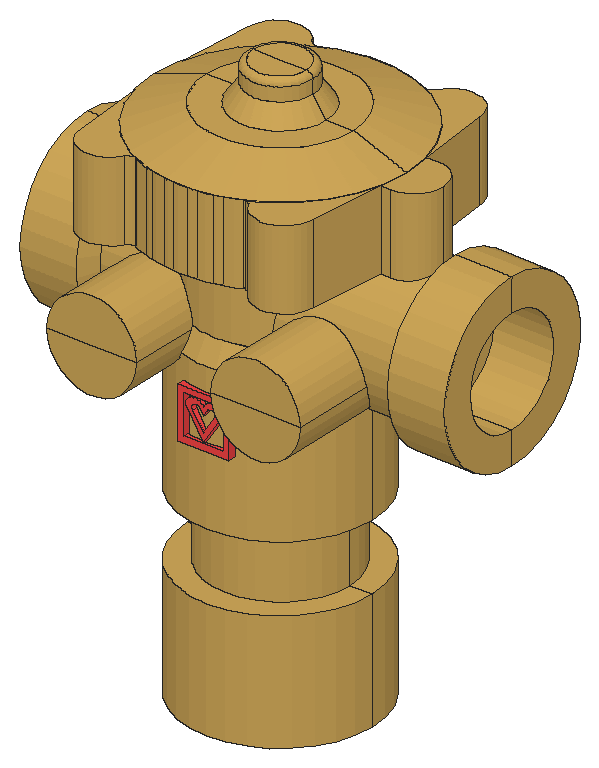
Revit family "Pressure independent control valve 4206_R_SMART", category Rohrzubehör, Revit 2018
Family settings
  Bemaßung runder Anschluss = Durchmesser verwenden
  Teiletyp = Unterbricht
  OmniClass-Nummer = 23.65.55.14
  OmniClass-Titel = Valves for Liquid Services
  Arbeitsebenenbasiert = Nein
  Immer vertikal = Ja
  Beim Laden mit Abzugskörper schneiden = Nein
  Gemeinsam genutzt = Nein
Parameters
  min. Operating temperature (pure water) = 2 °C  # constant formula
  min. Operating temperature (frost protection) = -20 °C  # constant formula
  max. Operating temperature up to DN32 = 130 °C  # constant formula
  max. Operating temperature from DN40 = 110 °C  # constant formula
  max. Operating pressure = 1600000.0 Pa  # constant formula
  Medium = "water purity in accordance with the ÖNORM H5195 and VDI2035 standards\r\nthe use of ethylene and propylene glycol in a mixture ratio of 25 - 50% by volume [%] is permitted."
  URL = "http://www.herzvalves.com/"
  Pin = "stainless steel 14301"  # constant formula
  SCRNSEQ = "ARM;ARM_TYP=\"DURR\";2"
  SCRNCODE = "05;04;02"  # constant formula
  S04 [instance] = R01 * 2  # 30.00 mm
  S01 [instance] = L01 + L02  # 75.00 mm
  R02 [instance] = size_lookup("4206R_S", "R2", 9.32 mm, Nennweite)  # 9.316 mm
  R01 [instance] = size_lookup("4206R_S", "R1", 15.00 mm, Nennweite)  # 15.00 mm
  PN = 25  # constant formula
  O-Rings = "EPDM"  # constant formula
  Membrane housing = "brass CW602N"  # constant formula
  Membrane = "EPDM"  # constant formula
  Lift = 4.00 mm  # constant formula
  L14 = 44.00 mm  # constant formula
  L13 = 32.23 mm  # constant formula
  L07 = 119.30°  # constant formula
  L06 = 3.44 mm  # constant formula
  Capillary pipe = "copper Cu-DHP (CW024A)"  # constant formula
  Hersteller = "Herz-Armaturen GmbH"  # constant formula
  H11 = 27.60 mm  # constant formula
  H10 = 22.33 mm  # constant formula
  House = "DZR brass CC770S"  # constant formula
  Spring = "spring steel"  # constant formula
  Bestellnummer [instance] = size_lookup("4206R_S", "Artnr", 0, Nennweite)  # 1420661
  Protective cap = "plastic"  # constant formula
  B16 = 26.00 mm  # constant formula
  B15 = 23.00 mm  # constant formula
  B14 = 8.73 mm  # constant formula
  B13 = 40.79 mm  # constant formula
  B12 = 36.73 mm  # constant formula
  B11 = 34.69 mm  # constant formula
  B10 = 31.75 mm  # constant formula
  B09 [instance] = size_lookup("4206R_S", "B9", 3.30 mm, Nennweite)  # 3.30 mm
  Nennweite [instance] = 15.00 mm
  L05 = 3.44 mm  # constant formula
  L04 [instance] = size_lookup("4206R_S", "L4", 12.00 mm, Nennweite)  # 12.00 mm
  L03 [instance] = size_lookup("4206R_S", "L3", 10.00 mm, Nennweite)  # 10.00 mm
  L02 = 34.00 mm  # constant formula
  L01 = 41.00 mm  # constant formula
  H09 = 1.08 mm  # constant formula
  H08 = 4.24 mm  # constant formula
  H07 = 28.19 mm  # constant formula
  H06 = 24.02 mm  # constant formula
  H05 = 10.06 mm  # constant formula
  H04 = 6.74 mm  # constant formula
  H03 = 3.46 mm  # constant formula
  H02 [instance] = size_lookup("4206R_S", "H2", 65.00 mm, Nennweite)  # 65.00 mm
  H01 [instance] = size_lookup("4206R_S", "H1", 32.00 mm, Nennweite)  # 35.00 mm
  B08 = 23.05 mm  # constant formula
  B07 [instance] = size_lookup("4206R_S", "B7", 16.50 mm, Nennweite)  # 16.50 mm
  B06 = 5.86 mm  # constant formula
  B05 = 3.70 mm  # constant formula
  B04 = 6.75 mm  # constant formula
  B03 = 7.93 mm  # constant formula
  B02 [instance] = size_lookup("4206R_S", "B2", 12.50 mm, Nennweite)  # 12.50 mm
  B01 = 41.62 mm  # constant formula
  Application = "the Pressure Independent Balancing Control Valve (PIBCV) is used in all heating and cooling systems with circulation pumps.\r\nthe valve automatically maintains flow to the required part of the system at the set rate by measuring and immediately adjusting to any variation in pressure.\r\nno additional measurements are necessary and the correct flow rate is achieved at all operating conditions.\r\nthe diaphragm responds to the pressure upstream and downstream of the regulating valve (via an internal impulse line).\r\nthe valve settings directly affect the volumetric flow through the valve.\r\nit is thus possible to set the maximum flow rate based on the flow chart when the valve is fitted.\r\nthis allows for the balancing of heating circuits, cooling water systems, ceiling cooling and heating panels, air heaters, etc. without any need to first assess the pressure variations in the system.\r\nthe valve‘s principal application is as a control valve for terminal units."
Reference planes
  plane 1 "Mitte (Vorne/hinten)": y = 0
  plane 2: z = 0
  plane 3 "Mitte (Links/rechts)": x = 0
Forms (mm)
  Revolve 1, solid, material "Messing, weicher Gelbton, geschweißt"
    sketch origin (0, 0, 0) x (1, 0, 0) y (0, 0, 1)
      loop
        line (0, -65) -> (16.292, -65) -> (16.292, -44) -> (12.291, -44) -> (12.291, -32.23) -> (16.292, -32.23) -> (16.292, -6.498) -> (14.505, -2.652) -> (14.505, 6.81) -> (22.33, 10.98) -> (22.33, 24.94) -> (12.949, 28.26) -> (8.129, 28.26) -> (5.75, 31.54) -> (5.75, 33.92)
        arc (5.75, 33.92) -> (5.434, 34.684) -> (4.67, 35) r 1.08
        line (4.67, 35) -> (0, 35) -> (0, -65)
      axis (0, 35) -> (0, -65)
    angle from 0 to 360
  Revolve 2, solid, material "Messing, weicher Gelbton, geschweißt"
    sketch origin (0, 0, -3.3) x (1, 0, 0) y (0, 1, 0)
      loop
        line (-20.425, -26) -> (-12.5, -26) -> (-12.5, -8.046) -> (-20.425, -8.046) -> (-20.425, -26)
      axis (-12.5, -8.046) -> (-12.5, -26)
    angle from 0 to 360
  Revolve 3, solid, material "Messing, weicher Gelbton, geschweißt"
    sketch origin (0, 0, 0) x (-1, 0, 0) y (0, 0, 1)
      loop
        line (34, 9.316) -> (34, 15) -> (24, 15) -> (22.317, 12) -> (-29.317, 12) -> (-31, 15) -> (-41, 15) -> (-41, 9.316) -> (-30.281, 9.316) -> (-30.281, 0) -> (19.925, 0) -> (19.925, 9.316) -> (34, 9.316)
      axis (-41, 0) -> (34, 0)
    angle from 0 to 360
  Extrusion 4, solid, material "Messing, weicher Gelbton, geschweißt"
    sketch origin (0, 0, 25.912) x (-1, 0, 0) y (0, -1, 0)
      loop
        arc (-20.427, -18.385) -> (-16.688, -23.223) -> (-11.063, -20.825) r 5
        arc (-11.063, -20.825) -> (-10.479, -20.304) -> (-9.74, -20.044) r 2.018
        arc (-9.74, -20.044) -> (0, -22.318) -> (9.74, -20.044) r 22
        arc (9.74, -20.044) -> (10.479, -20.304) -> (11.063, -20.825) r 2.018
        arc (11.063, -20.825) -> (16.688, -23.223) -> (20.427, -18.385) r 5
        arc (20.427, -18.385) -> (22, 0) -> (20.427, 18.385) r 108.221
        arc (20.427, 18.385) -> (16.688, 23.223) -> (11.063, 20.825) r 5
        arc (11.063, 20.825) -> (10.467, 20.297) -> (9.713, 20.04) r 2.018
        arc (9.713, 20.04) -> (0, 22.3) -> (-9.713, 20.04) r 22
        arc (-9.713, 20.04) -> (-10.467, 20.297) -> (-11.063, 20.825) r 2.018
        arc (-11.063, 20.825) -> (-16.688, 23.223) -> (-20.427, 18.385) r 5
        arc (-20.427, 18.385) -> (-21.356, 11.79) -> (-21.877, 5.15) r 108.221
        line (-21.877, 5.15) -> (-23.7, 5.15)
        arc (-23.7, 5.15) -> (-27.342, 3.642) -> (-28.85, 0) r 5.15
        arc (-28.85, 0) -> (-27.342, -3.642) -> (-23.7, -5.15) r 5.15
        line (-23.7, -5.15) -> (-21.877, -5.15)
        arc (-21.877, -5.15) -> (-21.356, -11.79) -> (-20.427, -18.385) r 108.221
    from -14.932 to -0.972
  Revolve 5, solid, material "Messing, weicher Gelbton, geschweißt"
    sketch origin (0, 0, -3.3) x (-1, 0, 0) y (0, -1, 0)
      loop
        line (-24.425, 26) -> (-24.425, 8.046) -> (-16.5, 8.046) -> (-16.5, 26) -> (-24.425, 26)
      axis (-16.5, 8.046) -> (-16.5, 26)
    angle from 0 to 360
Lines and regions (mm)
  model lines, detail levels coarse+medium
    curve 1: line (-37.5, 0, 15) -> (-37.5, 0, -15)
    curve 2: line (-37.5, 0, -15) -> (37.5, 0, 15)
    curve 3: line (37.5, 0, 15) -> (37.5, 0, -15)
    curve 4: line (37.5, 0, -15) -> (-37.5, 0, 15)
    curve 5: line (37.287, 0, -14.915) -> (0, 0, 6.74)
    curve 6: line (0, 0, 6.74) -> (-37.5, 0, -15)
    curve 7: line (0, 0, 6.74) -> (0, 0, 24.94)
    curve 8: spline (-22.326, 0, 29.97) -> (-21.566, 0, 31.272) -> (-19.335, 0, 32.485) -> (-15.787, 0, 33.527) -> (-11.163, 0, 34.326) -> (-5.779, 0, 34.829) -> (0, 0, 35) -> (5.779, 0, 34.829) -> (11.163, 0, 34.326) -> (15.787, 0, 33.527) -> (19.335, 0, 32.485) -> (21.566, 0, 31.272) -> (22.326, 0, 29.97) -> (21.566, 0, 28.668) -> (19.335, 0, 27.455) -> (15.787, 0, 26.413) -> (11.163, 0, 25.614) -> (5.779, 0, 25.111) -> (0, 0, 24.94) -> (-5.779, 0, 25.111) -> (-11.163, 0, 25.614) -> (-15.787, 0, 26.413) -> (-19.335, 0, 27.455) -> (-21.566, 0, 28.668) -> (-22.326, 0, 29.97)
    curve 9: line (37.5, -15, 0) -> (37.5, 15, 0)
    curve 10: line (37.5, 15, 0) -> (-37.5, -15, 0)
    curve 11: line (-37.5, -15, 0) -> (-37.5, 15, 0)
    curve 12: line (-37.5, 15, 0) -> (37.5, -15, 0)
    curve 13: line (-37.5, 14.673, 0) -> (0, -6.74, 0)
    curve 14: line (0, -6.74, 0) -> (37.5, 14.673, 0)
    curve 15: line (0, -6.74, 0) -> (0, -24.94, 0)
    curve 16: spline (-22.33, -29.97, 0) -> (-21.569, -28.668, 0) -> (-19.338, -27.455, 0) -> (-15.79, -26.413, 0) -> (-11.165, -25.614, 0) -> (-5.779, -25.111, 0) -> (0, -24.94, 0) -> (5.779, -25.111, 0) -> (11.165, -25.614, 0) -> (15.79, -26.413, 0) -> (19.338, -27.455, 0) -> (21.569, -28.668, 0) -> (22.33, -29.97, 0) -> (21.569, -31.272, 0) -> (19.338, -32.485, 0) -> (15.79, -33.527, 0) -> (11.165, -34.326, 0) -> (5.779, -34.829, 0) -> (0, -35, 0) -> (-5.779, -34.829, 0) -> (-11.165, -34.326, 0) -> (-15.79, -33.527, 0) -> (-19.338, -32.485, 0) -> (-21.569, -31.272, 0) -> (-22.33, -29.97, 0)
Dimensions and locks
  "H01": Revolve 1 sketch curve to plane 2
  "H02": plane 2 to Revolve 1 sketch curve
  "H03": Revolve 1 sketch curve to Revolve 1 sketch curve
  "H04": Revolve 1 sketch curve to Revolve 1 sketch curve
  "H05": Revolve 1 sketch curve to Revolve 1 sketch curve
  "H06": Revolve 1 sketch curve to Revolve 1 sketch curve
  "H07": Revolve 1 sketch curve to Revolve 1 sketch curve
  "H08": Revolve 1 sketch curve to Revolve 1 sketch curve
  "L02": plane 3 "Mitte (Links/rechts)" to Revolve 3 sketch curve
  "L01": Revolve 3 sketch curve to plane 3 "Mitte (Links/rechts)"
  "L03": Revolve 3 sketch curve to Revolve 3 sketch curve
  "L04": Revolve 3 sketch curve to plane 2
  "L05": Revolve 3 sketch curve to Revolve 3 sketch curve
  "R01": Revolve 3 sketch curve to plane 2  (x2)
  "R02": Revolve 3 sketch curve to plane 2  (x2)
  "B16": Revolve 2 sketch curve to plane 1 "Mitte (Vorne/hinten)"
  "B02": Revolve 2 sketch curve to plane 3 "Mitte (Links/rechts)"
  "B07": plane 3 "Mitte (Links/rechts)" to Revolve 5 sketch curve
  "B16": plane 1 "Mitte (Vorne/hinten)" to Revolve 5 sketch curve
  "L06": Revolve 3 sketch curve to Revolve 3 sketch curve
  "S01": curve 11 to curve 9
  equal spacing: curve 11, plane 3 "Mitte (Links/rechts)", curve 9
  "S04": curve 12 to curve 11
  "S04": curve 10 to curve 12
  equal spacing: curve 10, plane 1 "Mitte (Vorne/hinten)", curve 12
  equal spacing: curve 12, plane 1 "Mitte (Vorne/hinten)", curve 10
  "H10": curve 16 to plane 3 "Mitte (Links/rechts)" to curve 16
  "H10": plane 3 "Mitte (Links/rechts)" to Revolve 1 sketch curve
  "H04": curve 15 to plane 1 "Mitte (Vorne/hinten)"
  "H05": curve 16 to curve 16
  "H01": curve 16 to plane 1 "Mitte (Vorne/hinten)"
  "S01": curve 1 to curve 3
  equal spacing: curve 1, plane 3 "Mitte (Links/rechts)", curve 3
  "S04": curve 4 to curve 6
  "S04": curve 3 to curve 4
  equal spacing: curve 4, plane 2, curve 6
  equal spacing: curve 3, plane 2, curve 4
  "H04": curve 7 to plane 2
  "H01": curve 8 to plane 2
  "H05": curve 8 to curve 8
  "L13": plane 2 to Revolve 1 sketch curve
  "L14": plane 2 to Revolve 1 sketch curve
  "H09": radius of Revolve 1 sketch curve
  aligned and locked: level to plane 2
  aligned and locked: Extrusion 4 to Revolve 1
  aligned and locked: Revolve 1 to Extrusion 4
Automatic sketch dimensions
  Extrusion 4 sketch curve to Extrusion 4 sketch curve = 0.00 mm  (x5)
  plane 1 "Mitte (Vorne/hinten)" to Extrusion 4 sketch curve = 0.00 mm  (x3)
  Extrusion 4 sketch curve to plane 3 "Mitte (Links/rechts)" = 0.00 mm  (x2)
  plane 3 "Mitte (Links/rechts)" to Extrusion 4 sketch curve = 9.452 mm  (x2)
  Extrusion 4 sketch curve to Extrusion 4 sketch curve = 5.975 mm  (x4)
  Extrusion 4 sketch curve to plane 1 "Mitte (Vorne/hinten)" = 5.15 mm
  Extrusion 4 sketch curve to Extrusion 4 sketch curve = 6.45 mm
  Extrusion 4 sketch curve to Extrusion 4 sketch curve = 1.823 mm
  Extrusion 4 sketch curve to Extrusion 4 sketch curve = 57.371 mm
  Extrusion 4 sketch curve to plane 3 "Mitte (Links/rechts)" = 9.452 mm  (x2)
  Extrusion 4 sketch curve to Extrusion 4 sketch curve = 70.794 mm
  Extrusion 4 sketch curve to plane 1 "Mitte (Vorne/hinten)" = 18.385 mm
  Extrusion 4 sketch curve to Extrusion 4 sketch curve = 13.235 mm  (x2)
  Extrusion 4 sketch curve to Extrusion 4 sketch curve = 3.657 mm  (x4)
  Extrusion 4 sketch curve to plane 1 "Mitte (Vorne/hinten)" = 0.318 mm
  plane 1 "Mitte (Vorne/hinten)" to Extrusion 4 sketch curve = 0.30 mm
  plane 1 "Mitte (Vorne/hinten)" to Extrusion 4 sketch curve = 18.385 mm
  Extrusion 4 sketch curve to Extrusion 4 sketch curve = 0.261 mm  (x2)
  Extrusion 4 sketch curve to Extrusion 4 sketch curve = 0.288 mm  (x2)
  Extrusion 4 sketch curve to Extrusion 4 sketch curve = 1.35 mm  (x2)
  Extrusion 4 sketch curve to Extrusion 4 sketch curve = 1.323 mm
  Extrusion 4 sketch curve to Extrusion 4 sketch curve = 5.00 mm
  curve 14 to plane 3 "Mitte (Links/rechts)" = 0.00 mm
  curve 14 to curve 9 = 0.327 mm
  curve 13 to curve 11 = 0.327 mm
  Revolve 1 sketch curve to plane 3 "Mitte (Links/rechts)" = 0.00 mm  (x2)
  plane 3 "Mitte (Links/rechts)" to Revolve 1 sketch curve = 4.67 mm
  Revolve 1 sketch curve to Revolve 1 sketch curve = 2.379 mm
  plane 3 "Mitte (Links/rechts)" to Revolve 1 sketch curve = 12.291 mm
  Revolve 1 sketch curve to Revolve 1 sketch curve = 4.82 mm
  Revolve 1 sketch curve to level = 2.652 mm
  plane 3 "Mitte (Links/rechts)" to Revolve 1 sketch curve = 14.505 mm
  Revolve 1 sketch curve to Revolve 1 sketch curve = 4.00 mm  (x2)
  Revolve 1 sketch curve to Revolve 1 sketch curve = 292.892 mm
  Revolve 1 sketch curve to Revolve 1 sketch curve = 2176.299 mm
  Revolve 2 sketch curve to Revolve 2 sketch curve = 7.925 mm
  plane 1 "Mitte (Vorne/hinten)" to Revolve 2 sketch curve = 8.046 mm
  Revolve 2 sketch curve to Revolve 2 sketch curve = 0.00 mm  (x2)
  Revolve 2 sketch curve to Revolve 2 sketch curve = 15.617 mm
  Revolve 3 sketch curve to level = 0.00 mm  (x2)
  Revolve 3 sketch curve to Revolve 3 sketch curve = 10.00 mm
  Revolve 3 sketch curve to Revolve 3 sketch curve = 0.964 mm
  Revolve 3 sketch curve to Revolve 3 sketch curve = 2.391 mm
  Revolve 3 sketch curve to Revolve 3 sketch curve = 1315.107 mm
  Revolve 3 sketch curve to Revolve 3 sketch curve = 1862.053 mm
  Revolve 5 sketch curve to Revolve 5 sketch curve = 7.925 mm
  plane 1 "Mitte (Vorne/hinten)" to Revolve 5 sketch curve = 8.046 mm
  Revolve 5 sketch curve to Revolve 5 sketch curve = 0.00 mm  (x2)
  Revolve 5 sketch curve to Revolve 5 sketch curve = 15.617 mm
  curve 6 to plane 3 "Mitte (Links/rechts)" = 0.00 mm
  curve 8 to plane 3 "Mitte (Links/rechts)" = 0.00 mm
  curve 1 to curve 8 = 15.174 mm
  curve 5 to level = 14.915 mm
Nested families
  nested 1: "Herz-Logo-vorne" at (0, -16.164, -15) x (0, 1, 0) z (0, 0, 1), type "Herz-Logo-vorne"
Connectors
  piping at (30.281, 0, 0), diameter 15, driven by "Nennweite"
    settings: on Revolve 3, index 1, connector inside diameter 609.6 mm, connector length 0.00 mm, flow factor 0, pipe flow 0.0 L/s, pressure drop 0.0 Pa, fitting loss kfactor 0, connector angle 0.00°, fixture units 0, engagement length 0.00 mm, angle of deflection 0.00°, flow configuration 0, flow direction 1, fitting loss method 0, system type 29, joint type 0, gender type 0, connector reference index -1, connector utility 0, adjustable connector no, is connector primary yes, connector description ""
  piping at (-19.925, 0, 0), diameter 15, driven by "Nennweite"
    settings: on Revolve 3, index 2, connector inside diameter 609.6 mm, connector length 0.00 mm, flow factor 0, pipe flow 0.0 L/s, pressure drop 0.0 Pa, fitting loss kfactor 0, connector angle 0.00°, fixture units 0, engagement length 0.00 mm, angle of deflection 0.00°, flow configuration 0, flow direction 2, fitting loss method 0, system type 29, joint type 0, gender type 0, connector reference index -1, connector utility 0, adjustable connector no, is connector primary no, connector description ""
Definition of nested family "Herz-Logo-vorne"
  Reference planes
    plane 1 "Mitte (Vorne/hinten)": y = 0
    plane 2: z = 0
    plane 3 "Mitte (Links/rechts)": x = 0
  Forms (mm)
    Extrusion 1, solid
      sketch origin (0.732, -0.018, 0.017) x (0, -1, 0) y (0, 0, 1)
        loop
          line (-0.018, -4.517) -> (4.482, -4.517) -> (4.482, 4.483) -> (-4.518, 4.483) -> (-4.518, -4.517) -> (-0.018, -4.517)
        loop
          line (-0.05, -3.48) -> (3.482, -3.48) -> (3.482, 3.483) -> (-3.518, 3.483) -> (-3.518, -3.48) -> (-0.05, -3.48)
        loop
          arc (-0.018, 2.383) -> (-1.543, 3.287) -> (-3.067, 2.383) r 1.738
          arc (-3.067, 2.383) -> (-3.191, 1.899) -> (-3.067, 1.415) r 1.009
          line (-3.067, 1.415) -> (-0.018, -3.281) -> (3.032, 1.415)
          arc (3.032, 1.415) -> (3.156, 1.899) -> (3.032, 2.383) r 1.009
          arc (3.032, 2.383) -> (1.507, 3.287) -> (-0.018, 2.383) r 1.738
        loop
          arc (1.885, 1.272) -> (2.005, 1.675) -> (1.885, 2.079) r 0.74
          arc (1.885, 2.079) -> (1.265, 2.416) -> (0.644, 2.079) r 0.74
          line (0.644, 2.079) -> (-0.018, 0.97) -> (-0.679, 2.079)
          arc (-0.679, 2.079) -> (-1.3, 2.416) -> (-1.921, 2.079) r 0.74
          arc (-1.921, 2.079) -> (-2.04, 1.675) -> (-1.921, 1.272) r 0.74
          line (-1.921, 1.272) -> (-0.018, -1.658) -> (1.885, 1.272)
      from 0 to 1.5
  Dimensions and locks
    aligned and locked: level to plane 2
